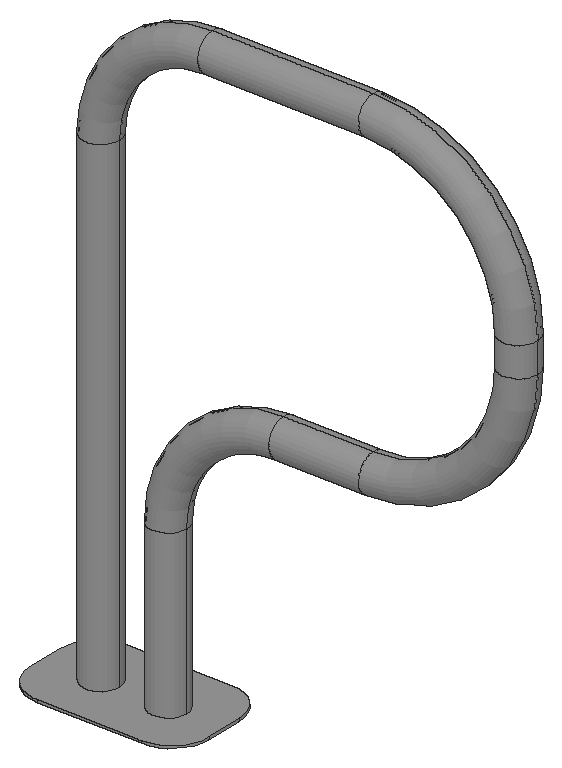
Revit family "19892 Велопарковка «Рандеву» Хоббика", category Антураж, Revit 2018
Family settings
  На основе рабочей плоскости = Нет
  Всегда вертикально = Да
  При загрузке вырезать с полостями = Нет
  Источник визуального образа = Геометрия семейства
  Общий = Нет
  Точка расчета площади = Нет
Parameters (values of type "Велопарковка «Рандеву»")
  Ширина = 150 mm  # constant formula
  Цвет каркаса = Сталь
  Описание = "Велопарковка «Рандеву»"  # constant formula
  Материал изделия = "Сталь"  # constant formula
  Изображение типоразмера = Велопарковка «Рандеву» Арт 19892.jpg
  Изготовитель = "ООО «Хоббика»"  # constant formula
  Длина = 660 mm  # constant formula
  Группа модели = "Велопарковки"  # constant formula
  Высота = 835 mm  # constant formula
  Артикул товара = "Арт. 19892"  # constant formula
  URL = "https://hobbyka.ru/product/veloparkovka_randevu"
Reference planes
  plane 1 "По центру (Вперед/Назад)": y = 0
  plane 2: z = 0
  plane 3 "По центру (Влево/Вправо)": x = 0
  plane 4: y = 150
  plane 5: x = 660
  plane 6: z = 835
Forms (mm)
  Sweep 1, solid, material "Сталь" <- "Цвет каркаса"
    path origin (0, 0, 0) x (1, 0, 0) y (0, 0, 1)
      loop
        line (50, 0) -> (50, 660)
        arc (50, 660) -> (101.256, 783.744) -> (225, 835) r 175
        line (225, 835) -> (440, 835)
        arc (440, 835) -> (595.563, 770.563) -> (660, 615) r 220
        line (660, 615) -> (660, 575)
        arc (660, 575) -> (595.563, 419.437) -> (440, 355) r 220
        line (440, 355) -> (320, 355)
        arc (320, 355) -> (228.076, 316.924) -> (190, 225) r 130
        line (190, 225) -> (190, 0)
    profile origin (50, 0, 330) x (-1, 0, 0) y (0, -1, 0)
      loop
        circle (-25, -75) r 25
      loop
        circle (-25, -75) r 23
  Extrusion 2, solid, material "Сталь" <- "Цвет каркаса"
    sketch origin (0, 0, 0) x (1, 0, 0) y (0, 1, 0)
      loop
        line (190, 150) -> (50, 150)
        arc (50, 150) -> (14.645, 135.355) -> (0, 100) r 50
        line (0, 100) -> (0, 50)
        arc (0, 50) -> (14.645, 14.645) -> (50, 0) r 50
        line (50, 0) -> (190, 0)
        arc (190, 0) -> (225.355, 14.645) -> (240, 50) r 50
        line (240, 50) -> (240, 100)
        arc (240, 100) -> (225.355, 135.355) -> (190, 150) r 50
    from 0 to 3
Cuts and joins
  joined: Sweep 1, Extrusion 2
Dimensions and locks
  "Длина": plane 3 "По центру (Влево/Вправо)" to plane 5
  "Ширина": plane 4 to plane 1 "По центру (Вперед/Назад)"
  "Высота": plane 6 to plane 2
  aligned and locked: level to plane 2
Automatic sketch dimensions
  Sweep 1 sketch curve to level = 0 mm  (x2)
  Sweep 1 sketch curve to plane 6 = 175 mm
  Sweep 1 sketch curve to plane 5 = 0 mm
  Sweep 1 sketch curve to Sweep 1 sketch curve = 0 mm  (x3)
  Sweep 1 sketch curve to Sweep 1 sketch curve = 120 mm
  Sweep 1 sketch curve to Sweep 1 sketch curve = 215 mm
  plane 3 "По центру (Влево/Вправо)" to Sweep 1 sketch curve = 50 mm
  Sweep 1 sketch curve to plane 6 = 0 mm
  Sweep 1 sketch curve to Sweep 1 sketch curve = 130 mm
  Sweep 1 sketch curve to Sweep 1 sketch curve = 40 mm
  Sweep 1 sketch curve to plane 1 "По центру (Вперед/Назад)" = 75 mm
  profile plane to Sweep 1 sketch curve = 25 mm
  Extrusion 2 sketch curve to plane 3 "По центру (Влево/Вправо)" = 0 mm
  plane 3 "По центру (Влево/Вправо)" to Extrusion 2 sketch curve = 50 mm
  Extrusion 2 sketch curve to plane 1 "По центру (Вперед/Назад)" = 50 mm  (x2)
  Extrusion 2 sketch curve to Extrusion 2 sketch curve = 140 mm
  Extrusion 2 sketch curve to Extrusion 2 sketch curve = 50 mm
  Extrusion 2 sketch curve to plane 4 = 0 mm
  plane 1 "По центру (Вперед/Назад)" to Extrusion 2 sketch curve = 0 mm
  radius of Sweep 1 sketch curve = 25 mm
  radius of Sweep 1 sketch curve = 23 mm
